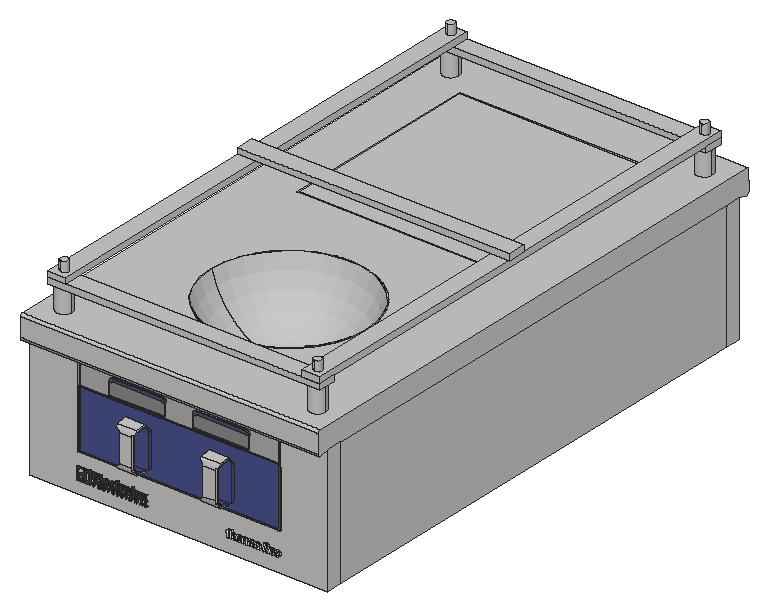
Revit family "QF_ELECTROLUXPROFESSIONAL_589850_MCIJAAEODM", category Attrezzature speciali, Revit 2020 (continued)
Definition of nested family "Front_Panel_W500_2 Knobs"
  Definition of nested family "ELX_Professional_Logo_Small"
    Forms (mm)
      Extrusion 2, solid, material <- "Material_Logo"
        sketch origin (15.5, 0, 0) x (1, 0, 0) y (0, 1, 0)
          loop
            arc (-6.854, -6.694) -> (-6.329, -6.809) -> (-5.909, -7.143) r 1.197
          loop
            line (1.61, -7.143) -> (2.345, -6.638)
            arc (2.345, -6.638) -> (1.663, -5.974) -> (0.737, -5.755) r 1.782
            arc (0.737, -5.755) -> (0.121, -5.878) -> (-0.425, -6.189) r 1.974
            arc (-0.425, -6.189) -> (-0.683, -6.5) -> (-0.799, -6.888) r 1.013
            arc (-0.799, -6.888) -> (-0.788, -7.341) -> (-0.674, -7.78) r 1.985
            arc (-0.674, -7.78) -> (-0.231, -8.259) -> (0.347, -8.563) r 1.928
            arc (0.347, -8.563) -> (0.881, -8.779) -> (1.387, -9.056) r 5.041
            arc (1.387, -9.056) -> (1.584, -9.387) -> (1.428, -9.74) r 0.42
            arc (1.428, -9.74) -> (0.887, -9.96) -> (0.314, -9.845) r 1.016
            arc (0.314, -9.845) -> (-0.107, -9.603) -> (-0.371, -9.196) r 1.033
            line (-0.371, -9.196) -> (-1.152, -9.686)
            arc (-1.152, -9.686) -> (-0.842, -10.198) -> (-0.39, -10.589) r 1.914
            arc (-0.39, -10.589) -> (0.184, -10.834) -> (0.804, -10.896) r 2.063
            arc (0.804, -10.896) -> (1.572, -10.743) -> (2.263, -10.376) r 2.696
            arc (2.263, -10.376) -> (2.568, -9.565) -> (2.411, -8.712) r 1.618
            arc (2.411, -8.712) -> (2.07, -8.319) -> (1.635, -8.035) r 1.876
            arc (1.635, -8.035) -> (1.084, -7.789) -> (0.519, -7.577) r 9.883
            arc (0.519, -7.577) -> (0.193, -7.07) -> (0.665, -6.694) r 0.45
            arc (0.665, -6.694) -> (1.189, -6.809) -> (1.61, -7.143) r 1.197
          loop
            line (6.801, -5.837) -> (6.801, -10.814) -> (7.825, -10.814) -> (7.825, -5.837) -> (6.801, -5.837)
          loop
            circle (14.724, -8.325) r 1.548
          loop
            circle (14.724, -8.325) r 2.585
          loop
            line (21.59, -10.814) -> (22.623, -10.814) -> (22.623, -7.685) -> (24.9, -10.814) -> (25.895, -10.814) -> (25.895, -5.837) -> (24.861, -5.837) -> (24.861, -9.061) -> (22.585, -5.837) -> (21.59, -5.837) -> (21.59, -10.814)
          loop
            line (31.054, -10.814) -> (31.539, -9.74) -> (33.38, -9.74) -> (33.865, -10.814) -> (34.965, -10.814) -> (32.46, -5.837) -> (29.956, -10.814) -> (31.054, -10.814)
          loop
            line (32.46, -7.698) -> (31.999, -8.719) -> (32.921, -8.719) -> (32.46, -7.698)
          loop
            line (40.047, -9.873) -> (40.047, -5.837) -> (39.024, -5.837) -> (39.024, -10.814) -> (41.961, -10.814) -> (41.961, -9.873) -> (40.047, -9.873)
          loop
            line (-74.986, -10.814) -> (-53.322, -10.814) -> (-53.322, 10.82) -> (-74.986, 10.82) -> (-74.986, -10.814)
          loop
            line (-61.261, 9.758) -> (-61.261, -9.707)
            arc (-61.261, -9.707) -> (-54.066, 0.025) -> (-61.261, 9.758) r 10.18
          loop
            line (-62.251, 8.349) -> (-62.251, 9.758)
            arc (-62.251, 9.758) -> (-70.347, 7.918) -> (-74.247, 0.59) r 9.976
            line (-74.247, 0.59) -> (-71.026, 0.59)
            arc (-71.026, 0.59) -> (-65.274, 2.925) -> (-62.251, 8.349) r 9.351
          loop
            arc (-74.247, -0.539) -> (-70.353, -7.928) -> (-62.251, -9.957) r 10.237
            line (-62.251, -9.957) -> (-62.251, -8.298)
            arc (-62.251, -8.298) -> (-65.274, -2.874) -> (-71.026, -0.539) r 9.351
            line (-71.026, -0.539) -> (-74.247, -0.539)
        from 0 to 1.644
    Dimensions and locks
      aligned and locked: plane 2 to Extrusion 1
      aligned and locked: level to Extrusion 1
